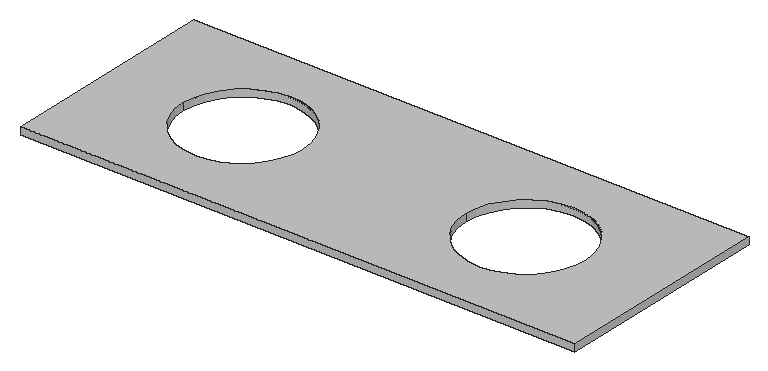
Revit family "002", category Generic Models, Revit 2012
Parameters
  e-mail = "info@vola.com"
  URL = "http://vola.com"
  Telephone = "+45 7023 5500"
  Quality management standard = "ISO 9001"
  Organisation no. / DUNS no. = "17531328"
  Occupational health and safety management standard = "ISO 18001"
  Mounting Instructions = "http://vola.com/service/producturl.ashx?name=002"
  Model = "002"
  Materials and components information = "http://vola.com/service/producturl.ashx?name=002"
  Manufacturer = "VOLA A/S"
  Maintenance Instructions = "http://vola.com/service/producturl.ashx?name=002"
  Guarantee = "2 years"
  Environmental management standard = "ISO 14000"
  Connection - All relevant connections = ""
  Approvals = "http://vola.com/service/producturl.ashx?name=002"
Reference planes
  plane 1 "Center (Front/Back)": y = 0
  plane 2: z = 0
  plane 3 "Center (Left/Right)": x = 0
Forms (mm)
  Extrusion 1, solid, material "Stainless Steel"
    sketch origin (0, 0, 0) x (1, 0, 0) y (0, 1, 0)
      loop
        line (-76.5, 30) -> (-76.5, -30) -> (76.5, -30) -> (76.5, 30) -> (-76.5, 30)
      loop
        circle (39, 0) r 16.5
      loop
        circle (-39, 0) r 16.5
    from 0 to 2
Dimensions and locks
  aligned and locked: plane 2 to level
